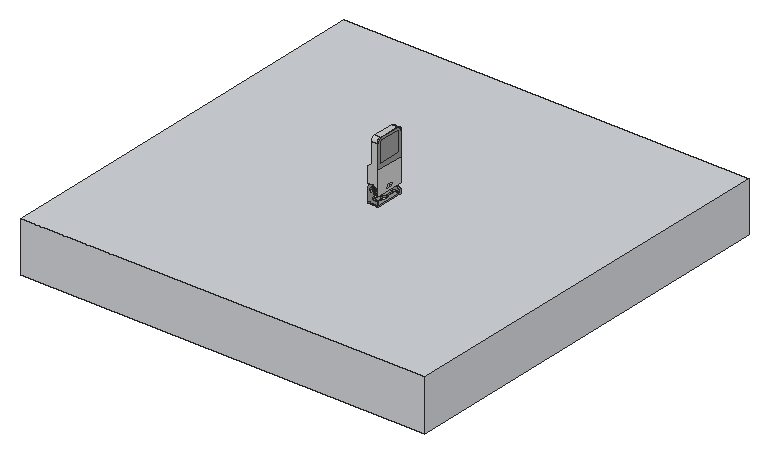
Revit family "LAMP_MINI FLUT G2 SYMMETRIC", category Modelos genéricos, Revit 2015
Parameters (values of type "3263LM 3000 ANTHRACITE")
  Weight = 4.104 kg
  Type = "HIGH POWER PHILIPS"
  Tilting angle [instance] = 90.00°
  Tilting [instance] = if(Tilting angle = 0.00°, 1.00°, if(Tilting angle > 120.00°, 120.00°, if(Tilting angle < -30.00°, 120.00°, if(Tilting angle < 0.00°, 90.00° - Tilting angle, Tilting angle))))  # 90.00°
  Protection rating = "IP66 / IK06"
  Product datasheet = "http://www.lamp.es/product-files/TECH/MF235SY730NA-EN.pdf"
  Product code = "MF235SY730NA"
  Product URL = "https://www.lamp.es/en/family/flut_33511"
  Power Supply = "220-240V 50-60Hz"
  Power = 23 W
  Plum = 25.5 W
  Photometric web file = Cuerpo MiniFlut G2- Sym : 3263LM 3000 ANTHRACITE
  Modelo = Product code  # "MF235SY730NA"
  Model explanation = "Availability of tilting between 0º and -30º (or 120º) when placed in a project."
  Material cuerpo = LAMP_Aluminio Cuerpo Flut GR
  Material Rótula = LAMP_Acero inoxidable AISI 304
  Manufacturer name = "LAMP"
  Manufacturer country = "Spain"
  Manufacturer URL = "http://www.lamp.es/en"
  MacAdam = "4"
  Luminaire type = "OUTDOOR - FLOODLIGHT"
  Last update = "19/08/2019"
  Lamp = "HIGH POWER LED"
  LED Lifetime = "50.000 L90 B10"
  Insulation class = "I"
  Installation instructions = "https://www.lamp.es/product-files/INS/1004710-A-INSTR.%20MINI%20FLUT%20G2.pdf"
  Initial intensity = 3263 lm
  Initial color = 3000 K
  IEE = "A++"
  Gear = "Electronic"
  Finish = "Textured anthracite grey"
  Fabricante = Manufacturer name  # "LAMP"
  Default Elevation = 1219.2 mm
  Efficacy = 128 lm/W
  Dimensions = "369 x 176 x 60"
  Descripción = "MINI FLUT G2 3500 WW SYM ANT."
  CRI = "70"
Types (8, lengths in mm): name | Product datasheet | Product code | Power | Plum | Photometric web file | Modelo | LED Lifetime | Initial intensity | Initial color | IEE | Finish | Efficacy | Descripción
  3263LM 3000 ANTHRACITE | "http://www.lamp.es/product-files/TECH/MF235SY730NA-EN.pdf" | "MF235SY730NA" | 23 W | 25.5 W | Cuerpo MiniFlut G2- Sym : 3263LM 3000 ANTHRACITE | "MF235SY730NA" | "50.000 L90 B10" | 3263 lm | 3000 K | "A++" | "Textured anthracite grey" | 128 lm/W | "MINI FLUT G2 3500 WW SYM ANT."
  3263LM 3000 GREY | "http://www.lamp.es/product-files/TECH/MF235SY730NG-EN.pdf" | "MF235SY730NG" | 23 W | 25.5 W | Cuerpo MiniFlut G2- Sym : 3263LM 3000 GREY | "MF235SY730NG" | "50.000 L90 B10" | 3263 lm | 3000 K | "A++" | "Texturised grey" | 128 lm/W | "MINI FLUT G2 3500 WW SYM GR."
  3435LM 4000 ANTHRACITE | "http://www.lamp.es/product-files/TECH/MF235SY740NA-EN.pdf" | "MF235SY740NA" | 23 W | 25.5 W | Cuerpo MiniFlut G2- Sym : 3435LM 4000 ANTHRACITE | "MF235SY740NA" | "50.000 L90 B10" | 3435 lm | 4000 K | "A++" | "Textured anthracite grey" | 134.7 lm/W | "MINI FLUT G2 3500 NW SYM ANT."
  3435LM 4000 GREY | "http://www.lamp.es/product-files/TECH/MF235SY740NG-EN.pdf" | "MF235SY740NG" | 23 W | 25.5 W | Cuerpo MiniFlut G2- Sym : 3435LM 4000 GREY | "MF235SY740NG" | "50.000 L90 B10" | 3435 lm | 4000 K | "A++" | "Texturised grey" | 134.7 lm/W | "MINI FLUT G2 3500 NW SYM GR."
  5298LM 3000 ANTHRACITE | "http://www.lamp.es/product-files/TECH/MF265SY730NA-EN.pdf" | "MF265SY730NA" | 44 W | 48.7 W | Cuerpo MiniFlut G2- Sym : 5298LM 3000 ANTHRACITE | "MF265SY730NA" | "60.000 L80 B10" | 5298 lm | 3000 K | "A+" | "Textured anthracite grey" | 108.8 lm/W | "MINI FLUT G2 6500 WW SYM ANT."
  5298LM 3000 GREY | "http://www.lamp.es/product-files/TECH/MF265SY730NG-EN.pdf" | "MF265SY730NG" | 44 W | 48.7 W | Cuerpo MiniFlut G2- Sym : 5298LM 3000 GREY | "MF265SY730NG" | "60.000 L80 B10" | 5298 lm | 3000 K | "A+" | "Texturised grey" | 108.8 lm/W | "MINI FLUT G2 6500 WW SYM GR."
  5577LM 4000 ANTHRACITE | "http://www.lamp.es/product-files/TECH/MF265SY740NA-EN.pdf" | "MF265SY740NA" | 44 W | 48.7 W | Cuerpo MiniFlut G2- Sym : 5577LM 4000 ANTHRACITE | "MF265SY740NA" | "60.000 L80 B10" | 5577 lm | 4000 K | "A+" | "Textured anthracite grey" | 114.5 lm/W | "MINI FLUT G2 6500 NW SYM ANT."
  5577LM 4000 GREY | "http://www.lamp.es/product-files/TECH/MF265SY740NG-EN.pdf" | "MF265SY740NG" | 44 W | 48.7 W | Cuerpo MiniFlut G2- Sym : 5577LM 4000 GREY | "MF265SY740NG" | "60.000 L80 B10" | 5577 lm | 4000 K | "A+" | "Texturised grey" | 114.5 lm/W | "MINI FLUT G2 6500 NW SYM GR."
Reference planes
  plane 1 "Centro (Frontal/Posterior)": y = 0
  plane 2: z = 0
  plane 3 "Centro (Izquierda/Derecha)": x = 0
Forms (mm)
  Extrusion 1, solid
    sketch origin (0, 0, 0) x (1, 0, 0) y (0, 1, 0)
      loop
        line (-1219.2, 1219.2) -> (-1219.2, -1219.2) -> (1219.2, -1219.2) -> (1219.2, 1219.2) -> (-1219.2, 1219.2)
    from 0 to -304.8
  Extrusion 2, solid, material "LAMP_Acero inoxidable AISI 304" <- "Material Rótula"
    sketch origin (0, 0, 0) x (1, 0, 0) y (0, 0, 1)
      loop
        line (-30, 0) -> (30, 0) -> (30, 24) -> (1.866, 40.243)
        arc (1.866, 40.243) -> (1.4, 40.851) -> (1.499, 41.609) r 1
        line (1.499, 41.609) -> (17.741, 69.741)
        arc (17.741, 69.741) -> (3.441, 108.913) -> (-30, 84) r 26
        line (-30, 84) -> (-30, 0)
      loop
        arc (-4.884, 104.481) -> (-5.964, 103.952) -> (-6.308, 102.8) r 1.5
        line (-6.308, 102.8) -> (-5.758, 98.315)
        arc (-5.758, 98.315) -> (-5.252, 97.365) -> (-4.241, 96.998) r 1.5
        arc (-4.241, 96.998) -> (7.873, 89.294) -> (5.508, 75.134) r 13
        arc (5.508, 75.134) -> (5.105, 74.085) -> (5.544, 73.05) r 1.5
        line (5.544, 73.05) -> (8.727, 69.867)
        arc (8.727, 69.867) -> (9.808, 69.428) -> (10.877, 69.896) r 1.5
        arc (10.877, 69.896) -> (14.654, 92.501) -> (-4.884, 104.481) r 20.5
    from -88 to 88
  Extrusion 3, void
    sketch origin (0, 0, 0) x (0, 1, 0) y (0, 0, 1)
      loop
        line (-83, 131) -> (-83, 10)
        arc (-83, 10) -> (-81.536, 6.464) -> (-78, 5) r 5
        line (-78, 5) -> (78, 5)
        arc (78, 5) -> (81.536, 6.464) -> (83, 10) r 5
        line (83, 10) -> (83, 131) -> (-83, 131)
      loop
        arc (88, 10) -> (85.071, 2.929) -> (78, 0) r 10
        line (78, 0) -> (78, -5) -> (93, -5) -> (93, 10) -> (88, 10)
      loop
        line (-88, 10) -> (-93, 10) -> (-93, -5) -> (-78, -5) -> (-78, 0)
        arc (-78, 0) -> (-85.071, 2.929) -> (-88, 10) r 10
    from -30 to 30
  Blend 4, void
    base sketch origin (0, 0, 0) x (1, 0, 0) y (0, 0, 1)
      loop
        circle (-4, 83.75) r 6.25
    top sketch origin (0, 0, 0) x (1, 0, 0) y (0, 0, 1)
      loop
        circle (-4, 83.75) r 10.75
    from 83 to 88
  Extrusion 5, void
    sketch origin (0, 0, 0) x (1, 0, 0) y (0, 1, 0)
      loop
        circle (0, 0) r 17.5
      loop
        line (-5.15, 63) -> (-5.15, 27)
        arc (-5.15, 27) -> (0, 21.85) -> (5.15, 27) r 5.15
        line (5.15, 27) -> (5.15, 63)
        arc (5.15, 63) -> (0, 68.15) -> (-5.15, 63) r 5.15
      loop
        arc (-5.15, -63) -> (0, -68.15) -> (5.15, -63) r 5.15
        line (5.15, -63) -> (5.15, -27)
        arc (5.15, -27) -> (0, -21.85) -> (-5.15, -27) r 5.15
        line (-5.15, -27) -> (-5.15, -63)
    from 0 to 5
  Blend 6, void
    base sketch origin (0, 0, 0) x (1, 0, 0) y (0, 0, -1)
      loop
        circle (-4, -83.75) r 6.25
    top sketch origin (0, 0, 0) x (1, 0, 0) y (0, 0, -1)
      loop
        circle (-4, -83.75) r 10.8
    from 83 to 88
  Extrusion 7, solid, material "LAMP_Aluminio Cuerpo Flut GR" <- "Material cuerpo"
    sketch origin (29.44, -87.4, 57.594) x (0, 1, 0) y (0, 0, 1)
      loop
        arc (68.57, 18.193) -> (68.765, 17.721) -> (69.237, 17.526) r 0.667
        line (69.237, 17.526) -> (73.299, 17.526)
        arc (73.299, 17.526) -> (73.702, 17.655) -> (73.955, 17.994) r 0.693
        line (73.955, 17.994) -> (78.018, 29.802) -> (82.058, 18.058)
        arc (82.058, 18.058) -> (82.296, 17.74) -> (82.674, 17.619) r 0.651
        line (82.674, 17.619) -> (85.6, 17.619)
        arc (85.6, 17.619) -> (86.061, 17.81) -> (86.252, 18.271) r 0.652
        line (86.252, 18.271) -> (86.252, 29.876) -> (89.926, 26.202) -> (93.6, 29.876) -> (93.6, 18.159)
        arc (93.6, 18.159) -> (93.785, 17.711) -> (94.233, 17.526) r 0.633
        line (94.233, 17.526) -> (98.776, 17.526)
        arc (98.776, 17.526) -> (99.261, 17.727) -> (99.461, 18.211) r 0.685
        line (99.461, 18.211) -> (99.461, 29.307)
        arc (99.461, 29.307) -> (99.655, 29.776) -> (100.124, 29.97) r 0.662
        line (100.124, 29.97) -> (103.206, 29.97)
        arc (103.206, 29.97) -> (103.688, 29.77) -> (103.888, 29.288) r 0.682
        line (103.888, 29.288) -> (103.888, 26.959)
        arc (103.888, 26.959) -> (103.689, 26.48) -> (103.21, 26.281) r 0.678
        line (103.21, 26.281) -> (100.372, 26.281)
        arc (100.372, 26.281) -> (99.634, 25.544) -> (100.372, 24.806) r 0.738
        line (100.372, 24.806) -> (104.702, 24.806)
        arc (104.702, 24.806) -> (105.169, 24.999) -> (105.363, 25.467) r 0.661
        line (105.363, 25.467) -> (105.363, 30.751)
        arc (105.363, 30.751) -> (105.16, 31.242) -> (104.669, 31.445) r 0.694
        line (104.669, 31.445) -> (98.671, 31.445)
        arc (98.671, 31.445) -> (98.187, 31.245) -> (97.986, 30.76) r 0.685
        line (97.986, 30.76) -> (97.986, 19.668)
        arc (97.986, 19.668) -> (97.785, 19.183) -> (97.3, 18.982) r 0.686
        line (97.3, 18.982) -> (95.783, 18.982)
        arc (95.783, 18.982) -> (95.3, 19.182) -> (95.101, 19.664) r 0.682
        line (95.101, 19.664) -> (95.101, 30.087)
        arc (95.101, 30.087) -> (94.03, 31.575) -> (92.28, 31.033) r 1.569
        line (92.28, 31.033) -> (89.926, 28.678) -> (87.572, 31.033)
        arc (87.572, 31.033) -> (85.821, 31.575) -> (84.751, 30.087) r 1.569
        line (84.751, 30.087) -> (84.751, 20.192)
        arc (84.751, 20.192) -> (84.044, 19.357) -> (83.104, 19.916) r 0.847
        line (83.104, 19.916) -> (79.401, 30.683)
        arc (79.401, 30.683) -> (78.08, 31.626) -> (76.759, 30.683) r 1.397
        line (76.759, 30.683) -> (72.894, 19.446)
        arc (72.894, 19.446) -> (72.643, 19.11) -> (72.244, 18.982) r 0.688
        line (72.244, 18.982) -> (70.701, 18.982)
        arc (70.701, 18.982) -> (70.237, 19.174) -> (70.045, 19.638) r 0.656
        line (70.045, 19.638) -> (70.045, 30.786)
        arc (70.045, 30.786) -> (69.307, 31.524) -> (68.57, 30.786) r 0.738
        line (68.57, 30.786) -> (68.57, 18.193)
    from 0 to 1
Cuts and joins
  Extrusion 3, Blend 4, Extrusion 5, Blend 6 cuts Extrusion 2
Text (mm)
  text "Any modification of the parameters and properties of the LAMP BIM models must be executed and validated by the LAMP technical department.\n\nPhone: +34 93 736 68 00\n\nE-mail: lamp@lamp.es\n\n\n\nLAMP reserves the right to modify the technical specifications of its products." at (-19092.501, 15531.228, -5809.229), in view "Preview"
Dimensions and locks
  aligned and locked: plane 2 to Extrusion 1
  aligned and locked: level to Extrusion 1
Nested families
  nested 1: "Cuerpo MiniFlut G2- Sym" at (-3.96, 0, -1416.006) x (-1, 0, 0) z (0, 0, 1), type <- "Photometric web file", type "3263LM 3000 ANTHRACITE"
Connectors
  electrical at (0, 0, 5)
    settings: on cut or joined group of Extrusion 2, Extrusion 3, Blend 4, Extrusion 5, Blend 6, index 1, voltage 230 V, apparent load 0 VA, apparent load phase1 0 VA, apparent load phase2 0 VA, apparent load phase3 0 VA, power factor 1, load classification "Otro", number of poles 1, system type 31, power factor state 1, is connector primary yes, connector utility no, sub classification motor no, connector description ""
Definition of nested family "Cuerpo MiniFlut G2- Sym"
  Parameters (values of type "3263LM 3000 ANTHRACITE")
    Tilt Angle = Tilting - 90.00°  # 0.00°
    Wattage = 25.5 W
    Tilting = 90.00°
    built-in parameter 1150107 = 3000 (stored number, unit not read)
    built-in parameter 1150110 = 1 (stored number, unit not read)
    built-in parameter 1150109 = 1 (stored number, unit not read)
    built-in parameter 1150112 = 1 (stored number, unit not read)
    built-in parameter 1150113 = 1 (stored number, unit not read)
    built-in parameter 1114218 = 1 (stored number, unit not read)
    built-in parameter 1150137 = (empty or 0)
    built-in parameter 1150132 = 2
    Material Opticas = none
    Material Cristal Transparente = none
    Material Cuerpo = none
    Material Cristal Serigrafiado = none
    built-in parameter 1150105 = 259.74 (stored number, unit not read)
    built-in parameter 1150102 = (empty or 0)
    built-in parameter 1150106 = 2.5974 (stored number, unit not read)
    Lumens = 3264 lm
    Color Filter = 16777215
    built-in parameter 1114217 = 1 (stored number, unit not read)
    built-in parameter 1150139 = (empty or 0)
    built-in parameter 1150104 = 11.892 (stored number, unit not read)
    built-in parameter 1150115 = 1 (stored number, unit not read)
    built-in parameter 1150114 = 1 (stored number, unit not read)
    built-in parameter 1150138 = (empty or 0)
    built-in parameter 1150134 = (empty or 0)
    Dimming Lamp Color Temperature Shift = (empty or 0)
    Photometric Web File = "MF235SY730NA.IES"
    built-in parameter 1150133 = 10 (stored number, unit not read)
  Types (8, lengths in mm): name | Wattage | built-in parameter 1150107 | built-in parameter 1150105 | built-in parameter 1150106 | Lumens | built-in parameter 1150104 | built-in parameter 1150134 | Photometric Web File
    3263LM 3000 ANTHRACITE | 25.5 W | 3000 (stored number, unit not read) | 259.74 (stored number, unit not read) | 2.5974 (stored number, unit not read) | 3264 lm | 11.892 (stored number, unit not read) | (empty or 0) | "MF235SY730NA.IES"
    3263LM 3000 GREY | 25.5 W | 3000 (stored number, unit not read) | 259.74 (stored number, unit not read) | 2.5974 (stored number, unit not read) | 3264 lm | 11.892 (stored number, unit not read) | (empty or 0) | "MF235SY730NG.IES"
    3435LM 4000 ANTHRACITE | 25.5 W | 4000 (stored number, unit not read) | 5266.5 (stored number, unit not read) | 52.665 (stored number, unit not read) | 3434.85 lm | 12.514 (stored number, unit not read) | 12 | "MF235SY740NA.IES"
    3435LM 4000 GREY | 25.5 W | 4000 (stored number, unit not read) | 5266.5 (stored number, unit not read) | 52.665 (stored number, unit not read) | 3434.85 lm | 12.514 (stored number, unit not read) | 12 | "MF235SY740NG.IES"
    5298LM 3000 ANTHRACITE | 48.7 W | 3000 (stored number, unit not read) | 8124.1 (stored number, unit not read) | 81.241 (stored number, unit not read) | 5298.56 lm | 10.108 (stored number, unit not read) | (empty or 0) | "MF265SY730NA.IES"
    5298LM 3000 GREY | 48.7 W | 3000 (stored number, unit not read) | 8124.1 (stored number, unit not read) | 81.241 (stored number, unit not read) | 5298.56 lm | 10.108 (stored number, unit not read) | (empty or 0) | "MF265SY730NG.IES"
    5577LM 4000 ANTHRACITE | 48.7 W | 4000 (stored number, unit not read) | 8595.3 (stored number, unit not read) | 85.953 (stored number, unit not read) | 5576.15 lm | 10.637 (stored number, unit not read) | 12 | "MF265SY740NA.IES"
    5577LM 4000 GREY | 48.7 W | 4000 (stored number, unit not read) | 8595.3 (stored number, unit not read) | 85.953 (stored number, unit not read) | 5576.15 lm | 10.637 (stored number, unit not read) | 12 | "MF265SY740NG.IES"
  Reference planes
    plane 1 "Eje de origen de luz (F/P)": y = 0
    plane 2: z = 0
    plane 3 "Eje de origen de luz (I/D)": x = 0
    plane 4 "Elevación de origen de luz": z = 1500
  Forms (mm)
    Extrusion 1, solid, material <- "Material Cuerpo"
      sketch origin (0, 0, 1500) x (0, 0, 1) y (1, 0, 0)
        loop
          line (-26.4, -33.4) -> (284.25, -33.4) -> (284.25, 3.6) -> (141.25, 3.6) -> (118.25, 26.6) -> (-26.4, 26.6) -> (-26.4, -33.4)
      from -87.4 to 87.4
    Extrusion 2, void
      sketch origin (0, 0, 1500) x (0, 0, -1) y (1, 0, 0)
        loop
          line (26.4, -26.5) -> (26.4, 26.6) -> (-26.6, 26.6) -> (-26.6, 3.6)
          arc (-26.6, 3.6) -> (-19.155, -17.548) -> (1.4, -26.5) r 28.073
          line (1.4, -26.5) -> (26.4, -26.5)
      from -87.4 to -77.4
    Extrusion 3, void
      sketch origin (0, 0, 1500) x (0, 0, -1) y (-1, 0, 0)
        loop
          line (26.4, 26.5) -> (1.4, 26.5)
          arc (1.4, 26.5) -> (-19.155, 17.548) -> (-26.6, -3.6) r 28.073
          line (-26.6, -3.6) -> (-26.6, -26.6) -> (26.4, -26.6) -> (26.4, 26.5)
      from -87.4 to -77.4
    Extrusion 4, void
      sketch origin (0, 0, 1500) x (0, 0, -1) y (0, 1, 0)
        loop
          line (-28.6, -83.4) -> (-28.6, -75.4) -> (22.4, -75.4)
          arc (22.4, -75.4) -> (23.814, -74.814) -> (24.4, -73.4) r 2
          line (24.4, -73.4) -> (24.4, 73.4)
          arc (24.4, 73.4) -> (23.814, 74.814) -> (22.4, 75.4) r 2
          line (22.4, 75.4) -> (-28.6, 75.4) -> (-28.6, 83.4)
          arc (-28.6, 83.4) -> (-29.186, 84.814) -> (-30.6, 85.4) r 2
          line (-30.6, 85.4) -> (-114.25, 85.4)
          arc (-114.25, 85.4) -> (-115.664, 84.814) -> (-116.25, 83.4) r 2
          line (-116.25, 83.4) -> (-116.25, -83.4)
          arc (-116.25, -83.4) -> (-115.664, -84.814) -> (-114.25, -85.4) r 2
          line (-114.25, -85.4) -> (-30.6, -85.4)
          arc (-30.6, -85.4) -> (-29.186, -84.814) -> (-28.6, -83.4) r 2
        loop
          arc (22.9, 68.9) -> (21.436, 72.436) -> (17.9, 73.9) r 5
          line (17.9, 73.9) -> (-30.1, 73.9) -> (-30.1, 78.9)
          arc (-30.1, 78.9) -> (-31.564, 82.436) -> (-35.1, 83.9) r 5
          line (-35.1, 83.9) -> (-109.75, 83.9)
          arc (-109.75, 83.9) -> (-113.286, 82.436) -> (-114.75, 78.9) r 5
          line (-114.75, 78.9) -> (-114.75, -78.9)
          arc (-114.75, -78.9) -> (-113.286, -82.436) -> (-109.75, -83.9) r 5
          line (-109.75, -83.9) -> (-35.1, -83.9)
          arc (-35.1, -83.9) -> (-31.564, -82.436) -> (-30.1, -78.9) r 5
          line (-30.1, -78.9) -> (-30.1, -73.9) -> (17.9, -73.9)
          arc (17.9, -73.9) -> (21.436, -72.436) -> (22.9, -68.9) r 5
          line (22.9, -68.9) -> (22.9, 68.9)
      from 22.1 to 26.6
    Extrusion 5, void
      sketch origin (0, 0, 1500) x (0, 0, -1) y (0, 1, 0)
        loop
          line (-259.25, 87.4) -> (-259.25, 97.4) -> (-294.25, 97.4) -> (-294.25, 62.4) -> (-284.25, 62.4)
          arc (-284.25, 62.4) -> (-276.928, 80.078) -> (-259.25, 87.4) r 25
        loop
          arc (-259.25, -87.4) -> (-276.928, -80.078) -> (-284.25, -62.4) r 25
          line (-284.25, -62.4) -> (-294.25, -62.4) -> (-294.25, -97.4) -> (-259.25, -97.4) -> (-259.25, -87.4)
      from -34 to 4
    Extrusion 6, void
      sketch origin (0, 0, 1500) x (0, 0, -1) y (0, 1, 0)
        loop
          arc (-270.05, -62) -> (-267.121, -69.071) -> (-260.05, -72) r 10
          line (-260.05, -72) -> (-154.05, -72)
          arc (-154.05, -72) -> (-146.979, -69.071) -> (-144.05, -62) r 10
          line (-144.05, -62) -> (-144.05, 62)
          arc (-144.05, 62) -> (-146.979, 69.071) -> (-154.05, 72) r 10
          line (-154.05, 72) -> (-260.05, 72)
          arc (-260.05, 72) -> (-267.121, 69.071) -> (-270.05, 62) r 10
          line (-270.05, 62) -> (-270.05, -62)
      from -33.4 to 0
    Extrusion 7, void
      sketch origin (0, 0, 1500) x (0, 0, -1) y (0, -1, 0)
        loop
          arc (-282.05, -61.5) -> (-275.46, -77.41) -> (-259.55, -84) r 22.5
          line (-259.55, -84) -> (-116.05, -84) -> (-116.05, 84) -> (-259.55, 84)
          arc (-259.55, 84) -> (-275.46, 77.41) -> (-282.05, 61.5) r 22.5
          line (-282.05, 61.5) -> (-282.05, -61.5)
        loop
          arc (-270.05, -62) -> (-267.121, -69.071) -> (-260.05, -72) r 10
          line (-260.05, -72) -> (-154.05, -72)
          arc (-154.05, -72) -> (-146.979, -69.071) -> (-144.05, -62) r 10
          line (-144.05, -62) -> (-144.05, 62)
          arc (-144.05, 62) -> (-146.979, 69.071) -> (-154.05, 72) r 10
          line (-154.05, 72) -> (-260.05, 72)
          arc (-260.05, 72) -> (-267.121, 69.071) -> (-270.05, 62) r 10
          line (-270.05, 62) -> (-270.05, -62)
      from 34 to 29.3
    Extrusion 8, solid, material <- "Material Cristal Serigrafiado"
      sketch origin (0, 0, 1500) x (0, 0, 1) y (-1, 0, 0)
        loop
          line (116.05, 33.4) -> (116.05, 29.3) -> (282.05, 29.3) -> (282.05, 33.4) -> (116.05, 33.4)
      from -84 to 84
    Extrusion 9, void
      sketch origin (0, 0, 1500) x (0, 0, -1) y (0, -1, 0)
        loop
          line (-259.55, 84) -> (-259.55, 94) -> (-292.05, 94) -> (-292.05, 61.5) -> (-282.05, 61.5)
          arc (-282.05, 61.5) -> (-275.46, 77.41) -> (-259.55, 84) r 22.5
        loop
          arc (-259.55, -84) -> (-275.46, -77.41) -> (-282.05, -61.5) r 22.5
          line (-282.05, -61.5) -> (-292.05, -61.5) -> (-292.05, -94) -> (-259.55, -94) -> (-259.55, -84)
      from 26.5 to 33.4
    Extrusion 10, solid, material <- "Material Opticas"
      sketch origin (0, 0, 1500) x (0, 0, 1) y (-1, 0, 0)
        loop
          line (260, 29.3) -> (154.1, 29.3) -> (154.1, 0) -> (260, 0) -> (260, 29.3)
      from -52.2 to 52.2
    Extrusion 11, void
      sketch origin (0, 0, 1500) x (0, 0, -1) y (0, -1, 0)
        loop
          line (-258.2, 50.4) -> (-258.2, 25.95) -> (-233.4, 25.95) -> (-233.4, 50.4) -> (-258.2, 50.4)
        loop
          line (-232.4, 50.4) -> (-232.4, 25.95) -> (-207.6, 25.95) -> (-207.6, 50.4) -> (-232.4, 50.4)
        loop
          line (-206.6, 50.4) -> (-206.6, 25.95) -> (-181.8, 25.95) -> (-181.8, 50.4) -> (-206.6, 50.4)
        loop
          line (-180.8, 50.4) -> (-180.8, 25.95) -> (-155.9, 25.95) -> (-155.9, 50.4) -> (-180.8, 50.4)
        loop
          line (-258.2, -50.4) -> (-233.4, -50.4) -> (-233.4, -25.95) -> (-258.2, -25.95) -> (-258.2, -50.4)
        loop
          line (-232.4, -50.4) -> (-207.6, -50.4) -> (-207.6, -25.95) -> (-232.4, -25.95) -> (-232.4, -50.4)
        loop
          line (-206.6, -50.4) -> (-181.8, -50.4) -> (-181.8, -25.95) -> (-206.6, -25.95) -> (-206.6, -50.4)
        loop
          line (-180.8, -50.4) -> (-155.9, -50.4) -> (-155.9, -25.95) -> (-180.8, -25.95) -> (-180.8, -50.4)
        loop
          line (-155.9, 24.95) -> (-180.8, 24.95) -> (-180.8, 0.5) -> (-155.9, 0.5) -> (-155.9, 24.95)
        loop
          line (-155.9, -0.5) -> (-180.8, -0.5) -> (-180.8, -24.95) -> (-155.9, -24.95) -> (-155.9, -0.5)
        loop
          line (-258.2, 24.95) -> (-258.2, 0.5) -> (-233.4, 0.5) -> (-233.4, 24.95) -> (-258.2, 24.95)
        loop
          line (-258.2, -0.5) -> (-258.2, -24.95) -> (-233.4, -24.95) -> (-233.4, -0.5) -> (-258.2, -0.5)
        loop
          line (-232.4, 24.95) -> (-232.4, 0.5) -> (-207.6, 0.5) -> (-207.6, 24.95) -> (-232.4, 24.95)
        loop
          line (-232.4, -0.5) -> (-232.4, -24.95) -> (-207.6, -24.95) -> (-207.6, -0.5) -> (-232.4, -0.5)
        loop
          line (-206.6, -24.95) -> (-181.8, -24.95) -> (-181.8, -0.5) -> (-206.6, -0.5) -> (-206.6, -24.95)
        loop
          line (-206.6, 0.5) -> (-181.8, 0.5) -> (-181.8, 24.95) -> (-206.6, 24.95) -> (-206.6, 0.5)
      from 0 to 26.5
    Extrusion 12, solid, material <- "Material Cristal Transparente"
      sketch origin (0, 0, 1500) x (0, 0, 1) y (-1, 0, 0)
        loop
          line (270.05, 33.4) -> (144.05, 33.4) -> (144.05, 29.3) -> (270.05, 29.3) -> (270.05, 33.4)
      from -72 to 72
    Extrusion 13, void
      sketch origin (0, 0, 1500) x (0, 0, -1) y (0, -1, 0)
        loop
          arc (-260.05, -72) -> (-267.121, -69.071) -> (-270.05, -62) r 10
          line (-270.05, -62) -> (-275.05, -62) -> (-275.05, -77) -> (-260.05, -77) -> (-260.05, -72)
        loop
          arc (-270.05, 62) -> (-267.121, 69.071) -> (-260.05, 72) r 10
          line (-260.05, 72) -> (-260.05, 77) -> (-275.05, 77) -> (-275.05, 62) -> (-270.05, 62)
        loop
          arc (-154.05, 72) -> (-146.979, 69.071) -> (-144.05, 62) r 10
          line (-144.05, 62) -> (-139.05, 62) -> (-139.05, 77) -> (-154.05, 77) -> (-154.05, 72)
        loop
          arc (-144.05, -62) -> (-146.979, -69.071) -> (-154.05, -72) r 10
          line (-154.05, -72) -> (-154.05, -77) -> (-139.05, -77) -> (-139.05, -62) -> (-144.05, -62)
      from 29.3 to 33.4
    Extrusion 14, void
      sketch origin (0, 0, 1500) x (0, 0, -1) y (0, -1, 0)
        loop
          arc (-270.05, -62) -> (-267.121, -69.071) -> (-260.05, -72) r 10
          line (-260.05, -72) -> (-154.05, -72)
          arc (-154.05, -72) -> (-146.979, -69.071) -> (-144.05, -62) r 10
          line (-144.05, -62) -> (-144.05, 62)
          arc (-144.05, 62) -> (-146.979, 69.071) -> (-154.05, 72) r 10
          line (-154.05, 72) -> (-260.05, 72)
          arc (-260.05, 72) -> (-267.121, 69.071) -> (-270.05, 62) r 10
          line (-270.05, 62) -> (-270.05, -62)
      from 26.5 to 33.4
  Cuts and joins
    Extrusion 2, Extrusion 3, Extrusion 4, Extrusion 5, Extrusion 6, Extrusion 7 cuts Extrusion 1
    Extrusion 9, Extrusion 14 cuts Extrusion 8
    Extrusion 11, Extrusion 14 cuts Extrusion 10
    Extrusion 13 cuts Extrusion 12
  Lines and regions (mm)
    reference lines
      curve 1: line (0, 0, 1500) -> (0, 0, 2280)
      curve 2: line (-60, 0, 1707.05) -> (0, 0, 1707.05)
  Dimensions and locks
    "Tilting": angle plane 4 "Elevación de origen de luz" to curve 1
    aligned and locked: level to plane 2
    aligned and locked: plane 3 "Eje de origen de luz (I/D)" to curve 1
    aligned and locked: plane 4 "Elevación de origen de luz" to curve 1
    aligned and locked: imposter light to curve 2  (x2)
  Automatic sketch dimensions
    Extrusion 2 sketch curve to curve 1 = 26.6 mm
    curve 1 to Extrusion 2 sketch curve = 1.4 mm
    Extrusion 2 sketch curve to Extrusion 2 sketch curve = 25 mm
    Extrusion 2 sketch curve to curve 1 = 26.5 mm
    curve 1 to Extrusion 2 sketch curve = 1.573 mm
    curve 1 to Extrusion 2 sketch curve = 26.6 mm
    Extrusion 3 sketch curve to curve 1 = 26.6 mm  (x2)
    curve 1 to Extrusion 3 sketch curve = 1.4 mm
    Extrusion 3 sketch curve to Extrusion 3 sketch curve = 25 mm
    Extrusion 3 sketch curve to curve 1 = 3.6 mm
    Extrusion 3 sketch curve to curve 1 = 1.573 mm
    curve 2 to curve 1 = 0 mm
    curve 1 to curve 2 = 207.05 mm
    curve 2 to curve 2 = 60 mm
    Extrusion 1 sketch curve to curve 1 = 26.4 mm
    Extrusion 1 sketch curve to curve 1 = 26.6 mm
    curve 1 to Extrusion 1 sketch curve = 118.25 mm
    curve 1 to Extrusion 1 sketch curve = 33.4 mm
    Extrusion 1 sketch curve to Extrusion 1 sketch curve = 166 mm
    Extrusion 1 sketch curve to Extrusion 1 sketch curve = 23 mm
    Extrusion 1 sketch curve to curve 1 = 3.6 mm
    Extrusion 7 sketch curve to curve 1 = 61.5 mm
    Extrusion 7 sketch curve to curve 1 = 282.05 mm
    Extrusion 7 sketch curve to Extrusion 7 sketch curve = 12 mm
    Extrusion 7 sketch curve to Extrusion 7 sketch curve = 10 mm  (x4)
    Extrusion 7 sketch curve to Extrusion 7 sketch curve = 0.5 mm  (x3)
    Extrusion 7 sketch curve to curve 1 = 62 mm
    Extrusion 7 sketch curve to Extrusion 7 sketch curve = 105.5 mm
    Extrusion 7 sketch curve to Extrusion 7 sketch curve = 38 mm
    curve 1 to Extrusion 7 sketch curve = 61.5 mm
    Extrusion 6 sketch curve to curve 1 = 62 mm
    Extrusion 6 sketch curve to curve 1 = 270.05 mm
    Extrusion 6 sketch curve to Extrusion 6 sketch curve = 10 mm  (x3)
    Extrusion 6 sketch curve to Extrusion 6 sketch curve = 106 mm  (x2)
    curve 1 to Extrusion 6 sketch curve = 62 mm
    Extrusion 5 sketch curve to curve 1 = 62.4 mm
    Extrusion 5 sketch curve to curve 1 = 294.25 mm
    curve 1 to Extrusion 5 sketch curve = 62.4 mm
    Extrusion 5 sketch curve to Extrusion 5 sketch curve = 0 mm
    Extrusion 5 sketch curve to Extrusion 5 sketch curve = 10 mm  (x3)
    Extrusion 5 sketch curve to Extrusion 5 sketch curve = 25 mm  (x2)
    Extrusion 5 sketch curve to Extrusion 5 sketch curve = 35 mm
    curve 1 to Extrusion 4 sketch curve = 83.4 mm
    Extrusion 4 sketch curve to curve 1 = 116.25 mm
    Extrusion 4 sketch curve to Extrusion 4 sketch curve = 1.5 mm  (x5)
    Extrusion 4 sketch curve to Extrusion 4 sketch curve = 0.5 mm  (x3)
    Extrusion 4 sketch curve to Extrusion 4 sketch curve = 2 mm
    Extrusion 4 sketch curve to Extrusion 4 sketch curve = 4.5 mm  (x9)
    Extrusion 4 sketch curve to curve 1 = 35.1 mm  (x2)
    Extrusion 4 sketch curve to Extrusion 4 sketch curve = 5 mm
    curve 1 to Extrusion 4 sketch curve = 17.9 mm  (x2)
    Extrusion 4 sketch curve to Extrusion 4 sketch curve = 3.5 mm
    Extrusion 4 sketch curve to curve 1 = 68.9 mm
    Extrusion 4 sketch curve to curve 1 = 78.9 mm
    Extrusion 8 sketch curve to curve 1 = 29.3 mm
    curve 1 to Extrusion 8 sketch curve = 116.05 mm
    Extrusion 8 sketch curve to curve 1 = 33.4 mm
    Extrusion 8 sketch curve to Extrusion 8 sketch curve = 166 mm
    Extrusion 9 sketch curve to curve 1 = 61.5 mm
    curve 1 to Extrusion 9 sketch curve = 259.55 mm
    Extrusion 9 sketch curve to Extrusion 9 sketch curve = 0 mm
    Extrusion 9 sketch curve to Extrusion 9 sketch curve = 22.5 mm  (x2)
    Extrusion 9 sketch curve to Extrusion 9 sketch curve = 10 mm  (x3)
    curve 1 to Extrusion 9 sketch curve = 61.5 mm
    Extrusion 9 sketch curve to Extrusion 9 sketch curve = 32.5 mm
    Extrusion 12 sketch curve to curve 1 = 33.4 mm
    curve 1 to Extrusion 12 sketch curve = 144.05 mm
    Extrusion 12 sketch curve to curve 1 = 29.3 mm
    Extrusion 12 sketch curve to Extrusion 12 sketch curve = 126 mm
    curve 1 to Extrusion 13 sketch curve = 139.05 mm
    Extrusion 13 sketch curve to Extrusion 13 sketch curve = 0 mm
    Extrusion 13 sketch curve to Extrusion 13 sketch curve = 5 mm  (x5)
    Extrusion 13 sketch curve to Extrusion 13 sketch curve = 15 mm  (x5)
    Extrusion 13 sketch curve to Extrusion 13 sketch curve = 106 mm  (x2)
    Extrusion 13 sketch curve to curve 1 = 62 mm  (x2)
    Extrusion 13 sketch curve to Extrusion 13 sketch curve = 10 mm  (x2)
    curve 1 to Extrusion 13 sketch curve = 62 mm  (x2)
    Extrusion 14 sketch curve to curve 1 = 62 mm
    curve 1 to Extrusion 14 sketch curve = 144.05 mm
    Extrusion 14 sketch curve to Extrusion 14 sketch curve = 10 mm  (x3)
    curve 1 to Extrusion 14 sketch curve = 62 mm
    Extrusion 14 sketch curve to Extrusion 14 sketch curve = 106 mm  (x2)
    Extrusion 11 sketch curve to curve 1 = 0.5 mm  (x4)
    curve 1 to Extrusion 11 sketch curve = 155.9 mm
    Extrusion 11 sketch curve to Extrusion 11 sketch curve = 0 mm  (x22)
    Extrusion 11 sketch curve to Extrusion 11 sketch curve = 24.9 mm  (x3)
    curve 1 to Extrusion 11 sketch curve = 0.5 mm  (x4)
    Extrusion 11 sketch curve to Extrusion 11 sketch curve = 1 mm  (x16)
    Extrusion 11 sketch curve to Extrusion 11 sketch curve = 24.8 mm  (x7)
    Extrusion 11 sketch curve to Extrusion 11 sketch curve = 24.45 mm  (x7)
    Extrusion 10 sketch curve to curve 1 = 0 mm
    Extrusion 10 sketch curve to curve 1 = 29.3 mm
    curve 1 to Extrusion 10 sketch curve = 154.1 mm
    Extrusion 10 sketch curve to Extrusion 10 sketch curve = 105.9 mm
